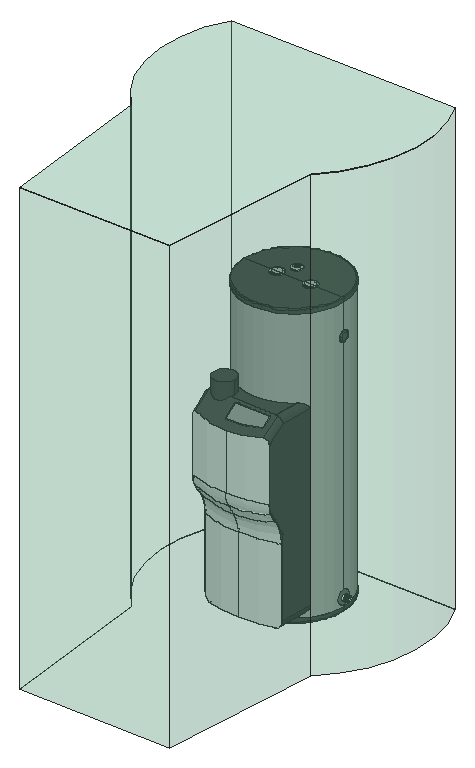
Revit family "Innovo BEFR_IR 24 245 BEFR NAT", category Mechanical Equipment, Revit 2015
Parameters (values of type "IR-24-245 BEFR NAT")
  largeur d'emballage = 786 mm  # constant formula
  l'Intervalle d'Entretien = "12 mois"  # constant formula
  Workspace Radius = Diameter + 170 mm  # 780 mm
  Workspace Height = Hauteur + 1000 mm  # 2745 mm
  Workspace Front Distance = 1000 mm
  Workspace [instance] = yes
  Valve Height 02 = if(and(Hauteur = 1745 mm, Diameter = 675 mm), 1518 mm, if(and(Hauteur = 1745 mm, Diameter = 610 mm), 1534 mm, if(Hauteur = 1545 mm, 1328 mm, 1070 mm)))  # 1534 mm
  Valve Height 01 = if(and(Diameter > 560 mm), 693 mm, 604 mm)  # 693 mm
  Valeur Maximale du Thermostat de Régulation = 85 °C  # constant formula
  Valeur Manimale du Thermostat de Régulation = 40 °C  # constant formula
  Valeur Défaut du Thermostat de Régulation = 65 °C  # constant formula
  URL = "www.aosmith.be"
  Type d'Installation = "B23/C13/C33/C43/C53/C63"  # constant formula
  Type d'emballage = "Carton et bois"  # constant formula
  Tension d'Alimentation (-15%, +10%) = 230 V  # constant formula
  Température Maximale des Fumées = 65 °C
  Temps de réchauffement à ΔT = 70°C = "38"
  Temps de réchauffement à ΔT = 55°C = "30"
  Temps de réchauffement à ΔT = 50°C = "27"
  Temps de réchauffement à ΔT = 44°C = "24"
  Temps de réchauffement à ΔT = 28°C = "16"
  Spécifications du Produit = ""
  Réglages du thermostat du chauffe-eau = 65 °C  # constant formula
  Réglage Standard Pour = "G31"
  Rendement Saisonnier (Hs) = [Rendement (Hs, acc. NEN-EN 89 - 1999)]  # 96
  Rendement (Hs, acc. NEN-EN 89 - 1999) = 96
  Rendement (Hi, acc. NEN-EN 89 - 1999) = 107
  Raccord Évacuation de la Condensation = 40 mm  # constant formula
  Raccord de la Soupape de Vidange = 1"
  Raccord de Sortie d'Eau Chaude = 1"
  Raccord de Gaz = 15"  # constant formula
  Raccord d'Alimentation en Eau Froide = 3/4"  # constant formula
  Raccord Robinet de Vidange = 3/4"  # constant formula
  Puissance Électrique Absorbée (sommet) = 105 W
  Puissance Électrique Absorbée (nominal) = 85 W
  Profondeur d'emballage = 946 mm  # constant formula
  Profondeur = 780 mm  # constant formula
  Profils de soutirage déclaré = "XXL"
  Production Nominale = "30400.0"
  Pression de Fonctionnement Maximale = 800000.0 Pa  # constant formula
  Pression Différentielle d'Ouverture de l'Interrupteur de Pression < = 210.0 Pa
  Pression Amont de Gaz = "3700 Pa"
  Precaustions during assembling, installation or maintenance = "voir Manuel d'installation, d'emploi er d'entretien"  # constant formula
  Poids à vide = 136 kg
  Poids de Transport = 153 kg
  Phase = 1
  Pertes en Veille - tous les jours (24h) = 0 W
  Pertes en Veille = 0 W
  Nombre de modèle du produit (EAN) = "8717449286323"
  Niveau du Son dB (A) = "<45"  # constant formula
  Niveau de puissance acoustique à l'intérieur = "58 dB"
  NOx-émissions mg/kWh = "37"
  NOx-émissions (ven air, 0% O2) ppm = "23"
  Modèdele = "IR-32-285"
  Model = "IR-32-285 FR LP"
  Marque commerciale = "A.O. Smith"  # constant formula
  Manufacturer = "A.O. Smith Water Products Company b.v."  # constant formula
  Largeur = Diameter  # 610 mm
  La commande intelligente = no
  L'efficacité énergétique pour le chauffage de l'eau (2) = "-"
  L'efficacité énergétique pour le chauffage de l'eau (1) = "90%"
  Hauteur du Raccordement au Gaz = 905 mm
  Hauteur de la Sortie d'eau Chaude = 1745 mm
  Hauteur de l'Alimentation en eau Froide = 170 mm
  Hauteur d'emballage = 1895 mm
  Hauteur Conduit d'Évacuation des Fumées = 1350 mm
  Hauteur Conduit d'Alimentation en Air = 1350 mm
  Hauteur = 1745 mm
  Guide de Produit = ""
  Garantie sur la Cuve = "36 mois"  # constant formula
  Garantie Pièces = "12 mois"  # constant formula
  Fréquence secteur = 50 Hz  # constant formula
  Forctionner qu'en heures creuses = no
  Fabricant No. = "E 7110"  # constant formula
  Epaisseur d'Isolation = 44 mm
  Débit de vidage à ΔT = 70°C après 90 min. = 770.0 L
  Débit de vidage à ΔT = 70°C après 60 min. = 580.0 L
  Débit de vidage à ΔT = 70°C après 30 min. = 390.0 L
  Débit de vidage à ΔT = 70°C après 120 min. = 960.0 L
  Débit de vidage à ΔT = 55°C après 90 min. = 1000.0 L
  Débit de vidage à ΔT = 55°C après 60 min. = 760.0 L
  Débit de vidage à ΔT = 55°C après 30 min. = 520.0 L
  Débit de vidage à ΔT = 55°C après 120 min. = 1300.0 L
  Débit de vidage à ΔT = 50°C après 90 min. = 1200.0 L
  Débit de vidage à ΔT = 50°C après 60 min. = 840.0 L
  Débit de vidage à ΔT = 50°C après 30 min. = 570.0 L
  Débit de vidage à ΔT = 50°C après 120 min. = 1400.0 L
  Débit de vidage à ΔT = 44°C après 90 min. = 1300.0 L
  Débit de vidage à ΔT = 44°C après 60 min. = 960.0 L
  Débit de vidage à ΔT = 44°C après 30 min. = 660.0 L
  Débit de vidage à ΔT = 44°C après 120 min. = 1600.0 L
  Débit de vidage à ΔT = 28°C après 90 min. = 2100.0 L
  Débit de vidage à ΔT = 28°C après 60 min. = 1600.0 L
  Débit de vidage à ΔT = 28°C après 30 min. = 1100.0 L
  Débit de vidage à ΔT = 28°C après 120 min. = 2500.0 L
  Débit de vidage en Continu à ΔT = 70°C = 380.0 L/s
  Débit de vidage en Continu à ΔT = 55°C = 490.0 L/s
  Débit de vidage en Continu à ΔT = 50°C = 540.0 L/s
  Débit de vidage en Continu à ΔT = 44°C = 610.0 L/s
  Débit de vidage en Continu à ΔT = 28°C = 960.0 L/s
  Diamètre Cheminée - Système Parallèle = "2x80"  # constant formula
  Diamètre Cheminée - Système Concentrique = "80/125 mm/mm"  # constant formula
  Diamètre Cheminée - Boiler = "80/125 mm/mm"  # constant formula
  Diameter = 610 mm
  Destination / Country = "Belgique"  # constant formula
  Description = "Préparateur ECS Solaire en Combinaison avec Réservoir de Stockage"  # constant formula
  D'autres profils de soutirage = "-"
  Created By = "http://www.cadcompany.nl/"
  Consommation de Gaz - Volume ltr/hr = "a/p"
  Consommation de Gaz - Masse kg/h = "2.3"
  Class d'efficacité énergétique (2) = "-"
  Class d'efficacité énergétique (1) = "A"  # constant formula
  Charge Nominale (Valeur Supérieure) = "31500.0"
  Charge Nominale (Valeur Inférieure) = "29000.0"
  Charge Maximale au Sol = 438 kg
  Catégorie de Gaz = "I3P"
  Capacité = 285.0 L
  CO2 Émissions (tol. +/- 1.0) vol% = "10.0"
  CE-PIN = "0063CQ3037"  # constant formula
  BIM Content Developer = "CAD & Company"  # constant formula
  Assembly Code = "D3010"
  Annual fuel consumption (2) = "-"
  Annual fuel consumption (1) = "21 GJ GCV"
  Annual electricity consumption (2) = "-"
  Annual electricity consumption (1) = "48 kWh"
  2ème Entretien (Entretien Général) = "12 mois après l'installation"  # constant formula
  1er Entretien (check-up) = "3 mois après l'installation"  # constant formula
Reference planes
  plane 1 "Center (Front/Back)": y = 0
  plane 2: z = 0
  plane 3 "Center (Left/Right)": x = 0
  plane 4 "Pipe": through (-383.901, 912.349, 194.799) normal (-0.0879, -0.0879, 0.9923)
  plane 5 "footing": y = 118.925
  plane 6 "footing front": y = -237.85
  plane 7: x = -305
  plane 8: x = 305
  plane 9: z = 1745
Forms (mm)
  Revolve 1, solid, material "RAL 9005", detail levels medium+fine
    sketch origin (0, -237.85, 0) x (-1, 0, 0) y (0, 0, 1)
      loop
        line (0, 28.9) -> (-15, 28.9) -> (-15, 26.4) -> (-8.671, 26.4) -> (-8.671, 18) -> (-5.686, 18) -> (-6.626, 17.06) -> (-6.626, 12.06) -> (-8.671, 12.06) -> (-8.671, 10) -> (-10.031, 10) -> (-23.271, 5.181)
        arc (-23.271, 5.181) -> (-23.763, 4.836) -> (-24.017, 4.293) r 1.159
        line (-24.017, 4.293) -> (-24.017, 1.03)
        arc (-24.017, 1.03) -> (-23.715, 0.302) -> (-22.986, 0) r 1.03
        line (-22.986, 0) -> (0, 0) -> (0, 28.9)
      axis (0, 28.9) -> (0, 0)
    angle from 0 to 360
  Revolve 2, solid, material "RAL 9005", detail levels medium+fine
    sketch origin (0, 118.925, 0) x (-1, 0, 0) y (0, 0, 1)
      loop
        line (-205.984, 28.9) -> (-220.984, 28.9) -> (-220.984, 26.4) -> (-214.655, 26.4) -> (-214.655, 18) -> (-211.67, 18) -> (-212.61, 17.06) -> (-212.61, 12.06) -> (-214.655, 12.06) -> (-214.655, 10) -> (-216.015, 10) -> (-229.256, 5.181)
        arc (-229.256, 5.181) -> (-229.747, 4.836) -> (-230.001, 4.293) r 1.159
        line (-230.001, 4.293) -> (-230.001, 1.03)
        arc (-230.001, 1.03) -> (-229.699, 0.302) -> (-228.971, 0) r 1.03
        line (-228.971, 0) -> (-205.984, 0) -> (-205.984, 28.9)
      axis (-205.984, 28.9) -> (-205.984, 0)
    angle from 0 to 360
  Revolve 3, solid, material "RAL 9005", detail levels medium+fine
    sketch origin (0, 118.925, 0) x (-1, 0, 0) y (0, 0, 1)
      loop
        line (204.016, 28.9) -> (189.016, 28.9) -> (189.016, 26.4) -> (195.345, 26.4) -> (195.345, 18) -> (198.33, 18) -> (197.39, 17.06) -> (197.39, 12.06) -> (195.345, 12.06) -> (195.345, 10) -> (193.985, 10) -> (180.744, 5.181)
        arc (180.744, 5.181) -> (180.253, 4.836) -> (179.999, 4.293) r 1.159
        line (179.999, 4.293) -> (179.999, 1.03)
        arc (179.999, 1.03) -> (180.301, 0.302) -> (181.029, 0) r 1.03
        line (181.029, 0) -> (204.016, 0) -> (204.016, 28.9)
      axis (204.016, 28.9) -> (204.016, 0)
    angle from 0 to 360
Lines and regions (mm)
  symbolic lines
    curve 1: line (0, 280.06, 0) -> (0, -280.06, 0)
    curve 2: line (-280.06, 0, 0) -> (280.06, 0, 0)
  symbolic lines, style "Workspace"
    curve 3: line (681.142, 380.06, 0) -> (-681.142, 380.06, 0)
    curve 4: arc (-681.142, 380.06, 0) -> (-777.325, -64.546, 0) -> (-609.127, -487.2, 0) r 780
    curve 5: line (-609.127, -487.2, 0) -> (-421.783, -1517.825, 0)
    curve 6: line (-421.783, -1517.825, 0) -> (424.03, -1517.825, 0)
    curve 7: line (424.03, -1517.825, 0) -> (611.027, -484.816, 0)
    curve 8: arc (611.027, -484.816, 0) -> (777.449, -63.027, 0) -> (681.142, 380.06, 0) r 780
Dimensions and locks
  plane 5 "footing" to plane 1 "Center (Front/Back)" = 118.925 mm
  plane 1 "Center (Front/Back)" to plane 6 "footing front" = 237.85 mm
  "Diameter": plane 7 to plane 8
  equal spacing: plane 7, plane 3 "Center (Left/Right)", plane 8
  "Hauteur": plane 9 to plane 2
  "Workspace Front Distance": curve 6 to nested 3
  "Workspace Radius": radius of curve 4
  "Workspace Radius": radius of curve 8
  aligned and locked: level to plane 2
  aligned and locked: nested 3 to Revolve 1 sketch curve
  aligned and locked: plane 3 "Center (Left/Right)" to Revolve 1 sketch curve
  aligned and locked: nested 3 to plane 1 "Center (Front/Back)"
  aligned and locked: plane 3 "Center (Left/Right)" to nested 3
  aligned and locked: nested 1 to plane 8
  aligned and locked: nested 5 to plane 8
  aligned and locked: nested 2 to plane 7
  aligned and locked: nested 4 to plane 7
  aligned and locked: nested 7 to plane 7
  aligned and locked: nested 8 to plane 3 "Center (Left/Right)"
  aligned and locked: plane 1 "Center (Front/Back)" to nested 8
  aligned and locked: nested 8 to nested 3
  aligned and locked: curve 3 to nested 8
Automatic sketch dimensions
  Revolve 1 sketch curve to level = 0 mm
  plane 3 "Center (Left/Right)" to Revolve 1 sketch curve = 5.686 mm
  Revolve 1 sketch curve to Revolve 1 sketch curve = 0.94 mm  (x2)
  Revolve 1 sketch curve to Revolve 1 sketch curve = 2.046 mm  (x2)
  Revolve 1 sketch curve to Revolve 1 sketch curve = 1.359 mm
  Revolve 1 sketch curve to Revolve 1 sketch curve = 6.329 mm
  level to Revolve 1 sketch curve = 4.091 mm
  Revolve 1 sketch curve to Revolve 1 sketch curve = 12.844 mm
  level to Revolve 1 sketch curve = 1.03 mm
  Revolve 1 sketch curve to Revolve 1 sketch curve = 0.111 mm
  level to Revolve 1 sketch curve = 5.181 mm
  Revolve 1 sketch curve to Revolve 1 sketch curve = 0.745 mm
  level to Revolve 1 sketch curve = 10 mm
  Revolve 1 sketch curve to Revolve 1 sketch curve = 2.06 mm
  Revolve 1 sketch curve to Revolve 1 sketch curve = 5 mm
  Revolve 1 sketch curve to Revolve 1 sketch curve = 8.4 mm
  Revolve 1 sketch curve to Revolve 1 sketch curve = 2.5 mm
  Revolve 1 sketch curve to level = 19.635 mm
  Revolve 1 sketch curve to Revolve 1 sketch curve = 46.465 mm
  Revolve 2 sketch curve to level = 0 mm
  level to Revolve 2 sketch curve = 1.03 mm
  Revolve 2 sketch curve to plane 8 = 74.999 mm
  level to Revolve 2 sketch curve = 5.181 mm
  Revolve 2 sketch curve to Revolve 2 sketch curve = 0.745 mm
  Revolve 2 sketch curve to Revolve 2 sketch curve = 0.397 mm
  Revolve 2 sketch curve to Revolve 2 sketch curve = 8.271 mm
  Revolve 2 sketch curve to Revolve 2 sketch curve = 13.241 mm
  Revolve 2 sketch curve to Revolve 2 sketch curve = 1.359 mm
  Revolve 2 sketch curve to Revolve 2 sketch curve = 6.329 mm
  Revolve 2 sketch curve to Revolve 2 sketch curve = 2.046 mm
  level to Revolve 2 sketch curve = 18 mm
  Revolve 2 sketch curve to Revolve 2 sketch curve = 0.94 mm  (x2)
  Revolve 2 sketch curve to Revolve 2 sketch curve = 8.671 mm
  Revolve 2 sketch curve to Revolve 2 sketch curve = 1.089 mm
  Revolve 2 sketch curve to Revolve 2 sketch curve = 8 mm
  Revolve 2 sketch curve to Revolve 2 sketch curve = 2.06 mm
  Revolve 2 sketch curve to Revolve 2 sketch curve = 8.4 mm
  Revolve 2 sketch curve to Revolve 2 sketch curve = 2.5 mm
  Revolve 2 sketch curve to Revolve 2 sketch curve = 0 mm
  Revolve 2 sketch curve to level = 19.635 mm
  Revolve 2 sketch curve to Revolve 2 sketch curve = 46.465 mm
  Revolve 3 sketch curve to level = 0 mm
  level to Revolve 3 sketch curve = 1.03 mm
  Revolve 3 sketch curve to plane 7 = 125.001 mm
  level to Revolve 3 sketch curve = 5.181 mm
  Revolve 3 sketch curve to Revolve 3 sketch curve = 0.745 mm
  Revolve 3 sketch curve to Revolve 3 sketch curve = 0.397 mm
  Revolve 3 sketch curve to Revolve 3 sketch curve = 8.271 mm
  Revolve 3 sketch curve to Revolve 3 sketch curve = 13.241 mm
  Revolve 3 sketch curve to Revolve 3 sketch curve = 1.359 mm
  Revolve 3 sketch curve to Revolve 3 sketch curve = 6.329 mm
  Revolve 3 sketch curve to Revolve 3 sketch curve = 2.046 mm
  level to Revolve 3 sketch curve = 18 mm
  Revolve 3 sketch curve to Revolve 3 sketch curve = 0.94 mm  (x2)
  Revolve 3 sketch curve to Revolve 3 sketch curve = 8.671 mm
  Revolve 3 sketch curve to Revolve 3 sketch curve = 1.089 mm
  Revolve 3 sketch curve to Revolve 3 sketch curve = 8 mm
  Revolve 3 sketch curve to Revolve 3 sketch curve = 2.06 mm
  Revolve 3 sketch curve to Revolve 3 sketch curve = 8.4 mm
  Revolve 3 sketch curve to Revolve 3 sketch curve = 2.5 mm
  Revolve 3 sketch curve to Revolve 3 sketch curve = 0 mm
  Revolve 3 sketch curve to level = 19.635 mm
  Revolve 3 sketch curve to Revolve 3 sketch curve = 46.465 mm
  curve 4 to curve 8 = 0 mm  (x2)
  plane 1 "Center (Front/Back)" to curve 2 = 0 mm
  curve 1 to plane 3 "Center (Left/Right)" = 0 mm
  plane 1 "Center (Front/Back)" to curve 4 = 0 mm
  curve 4 to plane 3 "Center (Left/Right)" = 0 mm
  curve 5 to plane 6 "footing front" = 249.35 mm
  plane 7 to curve 5 = 116.783 mm
  plane 8 to curve 7 = 119.03 mm
  curve 7 to plane 6 "footing front" = 246.966 mm
  curve 2 to plane 7 = 24.94 mm
  curve 2 to plane 8 = 24.94 mm
  curve 1 to plane 6 "footing front" = 42.21 mm
  plane 5 "footing" to curve 1 = 161.135 mm
Nested families
  nested 1: "Valve" at (305, -0.38, 1534) x (0, 1, 0) z (0, 0, 1), built-in parameter 1001364 <- "Valve Height 02", type "Valve"
  nested 2: "Drain Valve" at (-305, 0, 1534), built-in parameter 1001364 <- "Valve Height 02", type "Drain Valve"
  nested 3: "Housing Mother Housing S 57 (external)" at (0, -299.886, 0), type "Housing Mother_Housing S_57"
    with radius 305 mm, distance to boiler center 154 mm, diameter 610 mm
  nested 4: "Drain Valve" at (-305, 0, 177), type "Drain Valve"
  nested 5: "Drain Valve" at (305, 0, 107) x (-1, 0, 0) z (0, 0, 1), type "Drain Valve"
  nested 6: "Boiler" at (0, 0, 0), height <- "Hauteur", type "Boiler"
    with height 1745 mm, radius 305 mm, Diameter 610 mm
  nested 7: "Drain Valve" at (-305, 0, 693), built-in parameter 1001364 <- "Valve Height 01", type "Drain Valve"
  nested 8: "Innovo_workspace" at (0, 0, 0), Workspace <- "Workspace", Workspace Distance Front <- "Workspace Front Distance", Workspace Height <- "Workspace Height", Workspace Radius <- "Workspace Radius", type "Workspace"
    with Workspace Radius 780 mm, Workspace Height 2745 mm, Workspace Distance Front 1000 mm, Workspace yes, Center to Front 517.825 mm
Connectors
  piping at (339.826, 0, 107), diameter 19.05, driven by "Raccord Robinet de Vidange"
    settings: on nested 5, index 1, connector inside diameter 24", connector length 0 mm, flow factor 0, pipe flow 0.0 L/s, pressure drop 0.0 Pa, fitting loss kfactor 0, connector angle 0.00°, fixture units 0, engagement length 0 mm, angle of deflection 0.00°, flow configuration 0, flow direction 0, fitting loss method 0, system type 19, joint type 0, gender type 0, connector reference index -1, connector utility 0, adjustable connector no, is connector primary yes, connector description ""
  hvac at (-147.013, -346.326, 1310.674)
    settings: on nested 3, index 2, duct flow 0.0 L/s, flow factor 0, pres drop 0.0 Pa, loss coef 0, conn angle 0.00°, conn width 304.8 mm, conn height 304.8 mm, conn diameter 125 mm, duct sys type 4, conn prof type 0, flow config 0, flow direction 0, loss method 0, conn ref index -1, conn util no, is conn primary yes, conn desc ""
Definition of nested family "Valve"
  Parameters (values of type "Valve")
    Type Comments = "T&P valve (internal)"
    Manufacturer = "A.O. Smith"
  Reference planes
    plane 1 "Center (Front/Back)": y = 0
    plane 2: z = 0
    plane 3 "Center (Left/Right)": x = 0
  Forms (mm)
    Extrusion 1, solid, detail levels fine
      sketch origin (0, 0, 0) x (1, 0, 0) y (0, 0, 1)
        loop
          circle (0, 0) r 31.5
      from -2.271 to 1.4
    Sweep 2, solid, detail levels fine
      path origin (0, -1.4, 0) x (1, 0, 0) y (0, 0, 1)
        loop
          circle (0, 0) r 31.5
      profile origin (0, -1.4, 31.5) x (0, 0, -1) y (0, -1, 0)
        loop
          line (7.3, 0) -> (7.3, 3) -> (0, 0) -> (7.3, 0)
  Dimensions and locks
    aligned and locked: level to plane 2
Definition of nested family "Drain Valve"
  Reference planes
    plane 1 "Center (Front/Back)": y = 0
    plane 2: z = 0
    plane 3 "Center (Left/Right)": x = 0
  Forms (mm)
    Revolve 1, solid, detail levels medium+fine
      sketch origin (0, 0, 0) x (1, 0, 0) y (0, 0, 1)
        loop
          line (-33.442, 15.696) -> (-34.826, 14.329) -> (-34.93, 12.731) -> (-16.555, 12.731) -> (-16.555, 0) -> (15.787, 0) -> (15.787, 18.3) -> (-14.4, 18.3) -> (-17.148, 15.533) -> (-18.729, 16.697) -> (-20.091, 15.333) -> (-21.672, 16.496) -> (-23.034, 15.133) -> (-24.614, 16.296) -> (-25.976, 14.932) -> (-27.557, 16.096) -> (-28.919, 14.732) -> (-30.5, 15.896) -> (-31.862, 14.532) -> (-33.442, 15.696)
        axis (-34.93, 0) -> (15.787, 0)
      angle from 0 to 360
  Dimensions and locks
    aligned and locked: level to plane 2
  Nested families
    nested 1: "Rubber sealing" at (2.592, -0.155, 0) x (0.0023, -1, 0) z (0, 0, 1), type "Rubber sealing", detail levels fine
  Definition of nested family "Rubber sealing"
    Reference planes
      plane 1 "Center (Front/Back)": y = 0
      plane 2: z = 0
      plane 3 "Center (Left/Right)": x = 0
    Forms (mm)
      Extrusion 1, solid, detail levels fine
        sketch origin (141.861, 319.581, 0) x (1, 0, 0) y (0, 1, 0)
          loop
            line (-216.354, -311.898) -> (-216.354, -313.94)
            arc (-216.354, -313.94) -> (-141.602, -321.581) -> (-66.861, -313.835) r 366.966
            line (-66.861, -313.835) -> (-66.861, -311.791)
            arc (-66.861, -311.791) -> (-141.602, -319.581) -> (-216.354, -311.898) r 364.966
        from -80 to 80
      Extrusion 2, void
        sketch origin (141.861, 319.581, 0) x (1, 0, 0) y (0, 0, 1)
          loop
            circle (-141.861, 0) r 13
          loop
            circle (-141.861, 0) r 110
          loop
            circle (-141.861, 0) r 40
        from 311.563 to 332.684
      Extrusion 3, void
        sketch origin (141.861, 319.581, 0) x (1, 0, 0) y (0, 0, 1)
          loop
            circle (-141.861, 0) r 18.25
        from 315.524 to 326.084
    Cuts and joins
      Extrusion 2, Extrusion 3 cuts Extrusion 1
    Dimensions and locks
      aligned and locked: level to plane 2
Definition of nested family "Housing Mother Housing S 57 (external)"
  Parameters (values of type "Housing Mother_Housing S_57")
    radius [instance] = 280 mm
    distance to boiler center = if(diameter = 675 mm, 189 mm, if(diameter = 610 mm, 154 mm, 129 mm))  # 129 mm
    diameter = 560 mm
  Reference planes
    plane 1 "Center (Front/Back)": y = 0
    plane 2: z = 0
    plane 3 "Center (Left/Right)": x = 0
    plane 4 "left": through (-245.286, 145.886, 1200) normal (0.9994, 0.0349, 0)
    plane 5: y = -217.939
    plane 6: y = 145.886
    plane 7: z = 1232.6
    plane 8: z = 65.89
    plane 9 "right": through (245.286, 145.886, 1200) normal (0.9994, -0.0349, 0)
    plane 10 "display": through (0, -90.37, 1221.196) normal (0, -0.5736, 0.8192)
    plane 11 "Potentiostat": z = 867.899
    plane 12 "boiler center": y = 274.886
    plane 13: x = -280
    plane 14: x = 280
  Forms (mm)
    Extrusion 1, solid
      sketch origin (0, 0, 0) x (1, 0, 0) y (0, 1, 0)
        loop
          line (-245.286, 145.886) -> (-232.581, -217.939) -> (232.581, -217.939) -> (245.286, 145.886)
          arc (245.286, 145.886) -> (0, 0.923) -> (-245.286, 145.886) r 280
      from 0 to 1232.6
    Sweep 2, void
      path origin (0, 0, 0) x (0, 1, 0) y (0, 0, 1)
        loop
          line (-217.939, 1232.6) -> (-217.939, 795.555)
          arc (-217.939, 795.555) -> (-212.387, 754.285) -> (-197.694, 715.322) r 183.924
          arc (-197.694, 715.322) -> (-179.915, 684.628) -> (-159.106, 655.901) r 348.284
          arc (-159.106, 655.901) -> (-131.411, 600.328) -> (-121.88, 538.973) r 202.254
          line (-121.88, 538.973) -> (-121.88, 61.106)
      profile origin (0, -217.939, 1014.077) x (1, 0, 0) y (0, 1, 0)
        loop
          arc (0, 0) -> (-117.533, 9.941) -> (-231.728, 39.475) r 699.984
          arc (-231.728, 39.475) -> (-233.391, 40.705) -> (-234.07, 42.659) r 3.505
          line (-234.07, 42.659) -> (-254.062, 42.659) -> (-254.062, -142.593) -> (254.07, -142.593) -> (254.07, 42.659) -> (234.07, 42.659)
          arc (234.07, 42.659) -> (233.391, 40.705) -> (231.728, 39.475) r 3.505
          arc (231.728, 39.475) -> (117.533, 9.941) -> (0, 0) r 699.984
    Extrusion 3, void
      sketch origin (0, 0, 0) x (0, 1, 0) y (0, 0, 1)
        loop
          arc (102.864, 70.869) -> (99.804, 70.709) -> (96.874, 69.813) r 12.57
          arc (96.874, 69.813) -> (87.878, 66.533) -> (78.516, 64.529) r 69.114
          arc (78.516, 64.529) -> (76.41, 64.284) -> (74.294, 64.148) r 41.206
          arc (74.294, 64.148) -> (65.203, 64.335) -> (56.122, 64.782) r 318.661
          arc (56.122, 64.782) -> (30.585, 66.179) -> (5.028, 67.128) r 1456.581
          line (5.028, 67.128) -> (-84.534, 73.135)
          arc (-84.534, 73.135) -> (-86.363, 73.808) -> (-87.536, 75.365) r 3.455
          line (-87.536, 75.365) -> (-264.473, 75.365) -> (-264.473, 0) -> (160.886, 0) -> (160.886, 103.945) -> (145.886, 103.945)
          arc (145.886, 103.945) -> (145.104, 97.827) -> (142.923, 92.059) r 26.364
          arc (142.923, 92.059) -> (141.067, 88.936) -> (138.867, 86.045) r 31.715
          arc (138.867, 86.045) -> (135.576, 82.49) -> (132.021, 79.2) r 62.615
          arc (132.021, 79.2) -> (125.841, 74.697) -> (119.091, 71.103) r 54.444
          arc (119.091, 71.103) -> (116.371, 70.272) -> (113.531, 70.123) r 11.669
          line (113.531, 70.123) -> (102.864, 70.869)
      from -254.062 to 254.07
    Sweep 4, void
      path origin (0, 0, 0) x (1, 0, 0) y (0, 1, 0)
        loop
          line (-245.286, 145.886) -> (-232.581, -217.939)
      profile origin (-238.933, -36.027, 0) x (0.999391, 0.034899, 0) y (0, 0, 1)
        loop
          line (-4.454, 0) -> (47.084, 0) -> (47.084, 73.431)
          arc (47.084, 73.431) -> (14.222, 85.134) -> (0.255, 117.1) r 43.922
          line (0.255, 117.1) -> (-4.454, 117.1) -> (-4.454, 0)
    Sweep 5, void
      path origin (0, 0, 0) x (-1, 0, 0) y (0, 1, 0)
        loop
          line (-245.286, 145.886) -> (-232.581, -217.939)
      profile origin (238.933, -36.027, 0) x (0.999391, -0.034899, 0) y (0, 0, 1)
        loop
          line (4.454, 0) -> (4.454, 117.1) -> (-0.255, 117.1)
          arc (-0.255, 117.1) -> (-14.222, 85.134) -> (-47.084, 73.431) r 43.922
          line (-47.084, 73.431) -> (-47.084, 0) -> (4.454, 0)
    Sweep 6, void
      path origin (-239.899, -8.377, 0) x (-0.034899, 0.999391, 0) y (0, 0, 1)
        loop
          line (-209.69, 1141.272) -> (-79.18, 1232.6) -> (154.358, 1232.6)
      profile origin (-241.211, 29.188, 1232.6) x (0, 0, 1) y (0.999391, 0.034899, 0)
        loop
          line (-45, -30) -> (75, -30) -> (75, 0) -> (75, 55) -> (2.799, 55) -> (-1.253, 35.128)
          arc (-1.253, 35.128) -> (-16.771, 9.564) -> (-45, -0.308) r 44.287
          line (-45, -0.308) -> (-45, -30)
    Sweep 7, void
      path origin (239.899, -8.377, 0) x (0.034899, 0.999391, 0) y (0, 0, 1)
        loop
          line (-209.69, 1141.272) -> (-79.18, 1232.6) -> (154.358, 1232.6)
      profile origin (241.211, 29.188, 1232.6) x (0, 0, -1) y (-0.999391, 0.034899, 0)
        loop
          line (-75, -25) -> (45, -25) -> (45, -0.308)
          arc (45, -0.308) -> (16.771, 9.564) -> (1.253, 35.128) r 44.287
          line (1.253, 35.128) -> (-2.799, 55) -> (-75, 55) -> (-75, -25)
    Extrusion 8, void
      sketch origin (0, 0, 0) x (0, 1, 0) y (0, 0, 1)
        loop
          line (-270, 1336.099) -> (-270, 1099.081) -> (68.497, 1336.099) -> (-270, 1336.099)
      from -425.038 to 444.42
    Extrusion 9, solid, detail levels medium+fine
      sketch origin (0, 0, 0) x (1, 0, 0) y (0, 1, 0)
        loop
          circle (-147.013, -46.44) r 65
      from 1163.174 to 1310.674
    Extrusion 10, void
      sketch origin (0, -603.506, 861.895) x (0, 0.819152, 0.573576) y (-1, 0, 0)
        loop
          arc (618.322, -173) -> (623.272, -170.95) -> (625.322, -166) r 7
          line (625.322, -166) -> (625.322, 35)
          arc (625.322, 35) -> (623.272, 39.95) -> (618.322, 42) r 7
          line (618.322, 42) -> (535.473, 42)
          arc (535.473, 42) -> (530.688, 40.11) -> (528.488, 35.46) r 7
          arc (528.488, 35.46) -> (531.569, -67.592) -> (554.18, -168.18) r 540
          arc (554.18, -168.18) -> (556.724, -171.668) -> (560.831, -173) r 7
          line (560.831, -173) -> (618.322, -173)
      from 0 to 137.286
    Sweep 11, solid, detail levels fine
      path origin (0, 0, 867.899) x (-1, 0, 0) y (0, -1, 0)
        loop
          line (309.749, -35.617) -> (204.371, -35.617)
          arc (204.371, -35.617) -> (196.509, -34.687) -> (189.082, -31.947) r 33.677
          line (189.082, -31.947) -> (-9.574, 69.274)
      profile origin (-257.06, 35.617, 867.899) x (0, 1, 0) y (0, 0, 1)
        loop
          circle (0, 0) r 7.316
        loop
          circle (0, 0) r 6.465
    Revolve 12, void
      sketch origin (0, 274.886, 0) x (-1, 0, 0) y (0, 0, 1)
        loop
          line (280, 1243.838) -> (0, 1243.838) -> (0, 54.9) -> (280, 54.9) -> (280, 1243.838)
        axis (0, 1243.838) -> (0, 54.9)
      angle from 0 to 360
  Cuts and joins
    Sweep 2, Extrusion 3, Sweep 4, Sweep 5, Sweep 6, Sweep 7, Extrusion 8, Extrusion 10, Revolve 12 cuts Extrusion 1
  Dimensions and locks
    plane 8 to plane 2 = 65.89 mm
    plane 7 to plane 8 = 1166.71 mm
    "distance to boiler center": plane 12 "boiler center" to plane 6
    "diameter": plane 14 to plane 13
    equal spacing: plane 14, plane 3 "Center (Left/Right)", plane 13
    "radius": plane 3 "Center (Left/Right)" to plane 13
    aligned and locked: level to plane 2
    aligned and locked: Extrusion 1 to plane 7
    aligned and locked: Extrusion 1 sketch curve to plane 5
    aligned and locked: Sweep 2 to Extrusion 3
    aligned and locked: Extrusion 3 to Sweep 2  (x2)
    aligned and locked: plane 7 to Sweep 2 sketch curve
    aligned and locked: plane 3 "Center (Left/Right)" to Revolve 12 sketch curve
    aligned and locked: Revolve 12 sketch curve to plane 3 "Center (Left/Right)"
    aligned and locked: plane 13 to Revolve 12 sketch curve
  Automatic sketch dimensions
    Extrusion 1 sketch curve to plane 4 "left" = 0 mm  (x2)
    Extrusion 1 sketch curve to plane 6 = 0 mm  (x2)
    Extrusion 1 sketch curve to plane 3 "Center (Left/Right)" = 0 mm
    Extrusion 1 sketch curve to plane 9 "right" = 0 mm
    plane 6 to Extrusion 1 sketch curve = 135.037 mm
    Sweep 2 sketch curve to plane 5 = 0 mm
    plane 5 to Sweep 2 sketch curve = 106.195 mm
    Sweep 2 sketch curve to plane 5 = 96.059 mm
    plane 1 "Center (Front/Back)" to Sweep 2 sketch curve = 34.053 mm
    plane 11 "Potentiostat" to Sweep 2 sketch curve = 6.417 mm
    Sweep 2 sketch curve to plane 6 = 33.705 mm
    Sweep 2 sketch curve to plane 11 "Potentiostat" = 68.615 mm
    Sweep 2 sketch curve to plane 11 "Potentiostat" = 72.345 mm
    Sweep 2 sketch curve to Sweep 2 sketch curve = 176.349 mm
    Sweep 2 sketch curve to Sweep 2 sketch curve = 0 mm  (x2)
    plane 8 to Sweep 2 sketch curve = 4.784 mm
    Extrusion 3 sketch curve to level = 0 mm
    Extrusion 3 sketch curve to plane 6 = 0 mm
    Extrusion 3 sketch curve to plane 6 = 26.363 mm
    Extrusion 3 sketch curve to Extrusion 3 sketch curve = 4.75 mm
    Extrusion 3 sketch curve to Extrusion 3 sketch curve = 5.179 mm
    Extrusion 3 sketch curve to plane 8 = 4.232 mm
    Extrusion 3 sketch curve to Extrusion 3 sketch curve = 0.814 mm
    Extrusion 3 sketch curve to plane 8 = 4.978 mm
    Extrusion 3 sketch curve to Extrusion 3 sketch curve = 10.667 mm
    Extrusion 3 sketch curve to Extrusion 3 sketch curve = 0.877 mm
    Extrusion 3 sketch curve to Extrusion 3 sketch curve = 17.827 mm
    Extrusion 3 sketch curve to Extrusion 3 sketch curve = 5.646 mm
    Extrusion 3 sketch curve to plane 6 = 69.562 mm
    Extrusion 3 sketch curve to Extrusion 3 sketch curve = 18.6 mm
    Extrusion 3 sketch curve to Extrusion 3 sketch curve = 22.538 mm
    Extrusion 3 sketch curve to plane 8 = 1.238 mm
    Extrusion 3 sketch curve to plane 1 "Center (Front/Back)" = 5.028 mm
    plane 1 "Center (Front/Back)" to Extrusion 3 sketch curve = 36.224 mm
    Extrusion 3 sketch curve to plane 8 = 10.692 mm
    plane 1 "Center (Front/Back)" to Extrusion 3 sketch curve = 84.302 mm
    Extrusion 3 sketch curve to plane 8 = 7.244 mm
    Extrusion 3 sketch curve to Extrusion 3 sketch curve = 0.231 mm
    Extrusion 3 sketch curve to Extrusion 3 sketch curve = 3.234 mm
    plane 5 to Extrusion 3 sketch curve = 46.534 mm
    plane 6 to Extrusion 3 sketch curve = 15 mm
    Extrusion 3 sketch curve to level = 1388.869 mm
    plane 8 to Extrusion 3 sketch curve = 7.561 mm
    Extrusion 3 sketch curve to Extrusion 3 sketch curve = 11.64 mm
    Extrusion 3 sketch curve to plane 8 = 38.054 mm
    Extrusion 3 sketch curve to Extrusion 3 sketch curve = 22.442 mm
    Extrusion 3 sketch curve to plane 8 = 39.432 mm
    Extrusion 3 sketch curve to Extrusion 3 sketch curve = 2.466 mm
    Extrusion 3 sketch curve to Extrusion 3 sketch curve = 14.17 mm
    Extrusion 3 sketch curve to Extrusion 3 sketch curve = 5.925 mm
    Extrusion 3 sketch curve to Extrusion 3 sketch curve = 6.186 mm
    Extrusion 3 sketch curve to Extrusion 3 sketch curve = 249.85 mm
    Extrusion 3 sketch curve to Extrusion 3 sketch curve = 0 mm  (x4)
    Extrusion 3 sketch curve to Extrusion 3 sketch curve = 6.845 mm
    plane 8 to Extrusion 3 sketch curve = 1.743 mm
    Sweep 4 sketch curve to plane 4 "left" = 0 mm  (x2)
    Sweep 4 sketch curve to plane 6 = 0 mm
    plane 5 to Sweep 4 sketch curve = 0 mm
    Sweep 4 sketch curve to level = 0 mm
    profile plane to Sweep 4 sketch curve = 4.454 mm
    Sweep 4 sketch curve to profile plane = 0.255 mm
    Sweep 4 sketch curve to Sweep 4 sketch curve = 43.922 mm
    Sweep 4 sketch curve to profile plane = 47.084 mm
    level to Sweep 4 sketch curve = 73.431 mm
    Sweep 4 sketch curve to Sweep 4 sketch curve = 43.669 mm
    Sweep 5 sketch curve to plane 6 = 0 mm
    Sweep 5 sketch curve to plane 9 "right" = 0 mm  (x2)
    plane 5 to Sweep 5 sketch curve = 0 mm
    Sweep 5 sketch curve to level = 0 mm
    profile plane to Sweep 5 sketch curve = 47.084 mm
    Sweep 5 sketch curve to Sweep 5 sketch curve = 2.907 mm
    profile plane to Sweep 5 sketch curve = 0.255 mm
    Sweep 5 sketch curve to profile plane = 4.454 mm
    level to Sweep 5 sketch curve = 73.431 mm
    Sweep 5 sketch curve to Sweep 5 sketch curve = 43.669 mm
    Sweep 6 sketch curve to plane 7 = 0 mm
    plane 7 to Sweep 6 sketch curve = 91.328 mm
    Sweep 6 sketch curve to Sweep 6 sketch curve = 130.509 mm
    Sweep 6 sketch curve to Sweep 6 sketch curve = 233.538 mm
    Sweep 6 sketch curve to plane 4 "left" = 0 mm
    profile plane to Sweep 6 sketch curve = 45 mm
    Sweep 6 sketch curve to Sweep 6 sketch curve = 0.354 mm
    profile plane to Sweep 6 sketch curve = 1.253 mm
    Sweep 6 sketch curve to profile plane = 2.799 mm
    Sweep 6 sketch curve to Sweep 6 sketch curve = 72.201 mm
    Sweep 6 sketch curve to plane 4 "left" = 0.308 mm
    Sweep 6 sketch curve to Sweep 6 sketch curve = 29.692 mm
    plane 4 "left" to Sweep 6 sketch curve = 35.128 mm
    plane 4 "left" to Sweep 6 sketch curve = 55 mm
    Sweep 7 sketch curve to plane 7 = 0 mm
    Sweep 7 sketch curve to plane 7 = 91.328 mm
    Sweep 7 sketch curve to Sweep 7 sketch curve = 130.509 mm
    Sweep 7 sketch curve to Sweep 7 sketch curve = 233.538 mm
    Sweep 7 sketch curve to plane 9 "right" = 25 mm
    profile plane to Sweep 7 sketch curve = 75 mm
    profile plane to Sweep 7 sketch curve = 2.799 mm
    Sweep 7 sketch curve to profile plane = 1.253 mm
    Sweep 7 sketch curve to Sweep 7 sketch curve = 43.393 mm
    Sweep 7 sketch curve to profile plane = 45 mm
    Sweep 7 sketch curve to plane 9 "right" = 0.308 mm
    plane 9 "right" to Sweep 7 sketch curve = 35.128 mm
    Sweep 7 sketch curve to Sweep 7 sketch curve = 19.872 mm
    plane 5 to Extrusion 8 sketch curve = 52.061 mm
    Extrusion 8 sketch curve to plane 1 "Center (Front/Back)" = 68.497 mm
    plane 7 to Extrusion 8 sketch curve = 133.519 mm
    Extrusion 8 sketch curve to plane 7 = 103.499 mm
    plane 1 "Center (Front/Back)" to Extrusion 9 sketch curve = 46.44 mm
    Extrusion 9 sketch curve to plane 3 "Center (Left/Right)" = 147.013 mm
    Extrusion 10 sketch curve to plane 3 "Center (Left/Right)" = 0 mm
    Extrusion 10 sketch curve to plane 3 "Center (Left/Right)" = 35 mm
    Extrusion 10 sketch curve to Extrusion 10 sketch curve = 25.359 mm
    Extrusion 10 sketch curve to Extrusion 10 sketch curve = 57.491 mm
    Extrusion 10 sketch curve to plane 3 "Center (Left/Right)" = 42 mm
    Extrusion 10 sketch curve to Extrusion 10 sketch curve = 82.85 mm
    Extrusion 10 sketch curve to Extrusion 10 sketch curve = 7 mm
    Extrusion 10 sketch curve to Extrusion 10 sketch curve = 442 mm
    plane 3 "Center (Left/Right)" to Extrusion 10 sketch curve = 166 mm
    Extrusion 10 sketch curve to Extrusion 10 sketch curve = 0 mm  (x2)
    Sweep 11 sketch curve to plane 1 "Center (Front/Back)" = 31.947 mm
    Sweep 11 sketch curve to plane 3 "Center (Left/Right)" = 189.082 mm
    Sweep 11 sketch curve to plane 1 "Center (Front/Back)" = 1.94 mm
    Sweep 11 sketch curve to Sweep 11 sketch curve = 15.289 mm
    plane 3 "Center (Left/Right)" to Sweep 11 sketch curve = 9.574 mm
    Sweep 11 sketch curve to Sweep 11 sketch curve = 105.378 mm
    plane 1 "Center (Front/Back)" to Sweep 11 sketch curve = 69.274 mm
    Sweep 11 sketch curve to Sweep 11 sketch curve = 0 mm  (x2)
    Sweep 11 sketch curve to plane 11 "Potentiostat" = 0 mm
    Sweep 11 sketch curve to profile plane = 0 mm
    plane 8 to Revolve 12 sketch curve = 10.99 mm
    Revolve 12 sketch curve to plane 7 = 11.238 mm
    Revolve 12 sketch curve to level = 366.045 mm
    Revolve 12 sketch curve to Revolve 12 sketch curve = 971.917 mm
    Sweep 2 sketch curve to plane 3 "Center (Left/Right)" = 0 mm
    profile plane to Sweep 2 sketch curve = 0 mm
    Sweep 2 sketch curve to plane 3 "Center (Left/Right)" = 0.016 mm
    Sweep 2 sketch curve to profile plane = 42.782 mm  (x2)
    Sweep 2 sketch curve to plane 3 "Center (Left/Right)" = 230.568 mm
    plane 3 "Center (Left/Right)" to Sweep 2 sketch curve = 0.016 mm
    plane 3 "Center (Left/Right)" to Sweep 2 sketch curve = 230.568 mm
    Sweep 2 sketch curve to Sweep 2 sketch curve = 3.502 mm  (x2)
    Sweep 2 sketch curve to Sweep 2 sketch curve = 20 mm
    profile plane to Sweep 2 sketch curve = 142.593 mm
    Sweep 2 sketch curve to Sweep 2 sketch curve = 0.122 mm  (x2)
    Sweep 2 sketch curve to Sweep 2 sketch curve = 657.203 mm
    Sweep 2 sketch curve to Sweep 2 sketch curve = 19.991 mm
    radius of Extrusion 9 sketch curve = 65 mm
    radius of Sweep 11 sketch curve = 7.316 mm
    radius of Sweep 11 sketch curve = 6.465 mm
  Nested families
    nested 1: "display" at (65.5, -130.939, 1192.79) x (-1, 0, 0) z (0, -0.5736, 0.8192), type "display"
  Definition of nested family "display"
    Parameters (values of type "display")
      Default Elevation = 1219.2 mm
    Reference planes
      plane 1 "Center (Front/Back)": y = 0
      plane 2: z = 0
      plane 3 "Center (Left/Right)": x = 0
    Forms (mm)
      Extrusion 1, solid, detail levels medium+fine
        sketch origin (-16.958, 11.842, -343.878) x (1, 0, 0) y (0, 0, -1)
          loop
            line (-233.523, -343.878) -> (-233.523, -346.592) -> (332.686, -346.592) -> (332.686, -343.878) -> (-233.523, -343.878)
        from -228.7 to 150.822
      Extrusion 2, void
        sketch origin (-16.958, 6.842, -343.878) x (1, 0, 0) y (0, 1, 0)
          loop
            line (-233.523, 155.822) -> (-233.523, -223.7) -> (332.686, -223.7) -> (332.686, 155.822) -> (-233.523, 155.822)
          loop
            arc (-90.542, -48.267) -> (-88.492, -53.216) -> (-83.542, -55.267) r 7
            line (-83.542, -55.267) -> (117.458, -55.267)
            arc (117.458, -55.267) -> (122.408, -53.216) -> (124.458, -48.267) r 7
            line (124.458, -48.267) -> (124.458, 34.583)
            arc (124.458, 34.583) -> (122.568, 39.368) -> (117.918, 41.568) r 7
            arc (117.918, 41.568) -> (14.866, 38.487) -> (-85.722, 15.876) r 540
            arc (-85.722, 15.876) -> (-89.21, 13.332) -> (-90.542, 9.224) r 7
            line (-90.542, 9.224) -> (-90.542, -48.267)
        from 328.878 to 363.083
    Cuts and joins
      Extrusion 2 cuts Extrusion 1
    Dimensions and locks
      aligned and locked: level to plane 2
Definition of nested family "Boiler"
  Parameters (values of type "Boiler")
    radius [instance] = 280 mm
    height [instance] = 1270 mm
    Diameter = 560 mm
  Reference planes
    plane 1 "Center (Front/Back)": y = 0
    plane 2: z = 0
    plane 3 "Center (Left/Right)": x = 0
    plane 4: z = 1243.838
    plane 5: z = 1270
    plane 6 "bottom": z = 28.9
    plane 7: z = 54.9
    plane 8 "top controle": y = 88
    plane 9: x = -280
    plane 10: x = 280
  Forms (mm)
    Revolve 1, solid
      sketch origin (0, 0, 0) x (1, 0, 0) y (0, 0, 1)
        loop
          line (0, 54.9) -> (-280, 54.9) -> (-280, 32.9)
          arc (-280, 32.9) -> (-278.828, 30.072) -> (-276, 28.9) r 4
          line (-276, 28.9) -> (0, 28.9) -> (0, 54.9)
        axis (0, 28.9) -> (0, 54.9)
      angle from 0 to 360
    Revolve 2, solid
      sketch origin (1.311, 0, 0) x (1, 0, 0) y (0, 0, 1)
        loop
          line (-278.86, 1243.838) -> (-278.86, 54.9) -> (-1.311, 54.9) -> (-1.311, 1243.838) -> (-278.86, 1243.838)
        axis (-1.311, 1243.838) -> (-1.311, 54.9)
      angle from 0 to 360
    Revolve 3, solid
      sketch origin (-9.205, 0, 377.212) x (-1, 0, 0) y (0, 0, 1)
        loop
          line (-148.904, 892.788) -> (-110.805, 892.788) -> (-110.805, 895.963) -> (-141.883, 895.963) -> (-148.904, 893.62) -> (-148.904, 892.788)
        axis (-110.805, 892.788) -> (-110.805, 895.963)
      angle from 0 to 360
    Revolve 4, solid
      sketch origin (0, 0, 718.065) x (1, 0, 0) y (0, 0, -1)
        loop
          line (0, -525.773) -> (-280, -525.773) -> (-280, -547.935)
          arc (-280, -547.935) -> (-278.828, -550.763) -> (-276, -551.935) r 4
          line (-276, -551.935) -> (0, -551.935) -> (0, -525.773)
        axis (0, -551.935) -> (0, -525.773)
      angle from 0 to 360
    Revolve 5, solid
      sketch origin (0, 88, 0) x (1, 0, 0) y (0, 0, 1)
        loop
          line (-19.051, 1270) -> (-19.051, 1271.074) -> (-32.63, 1275.604) -> (-32.63, 1271.117) -> (-37.266, 1271.117) -> (-38.383, 1270) -> (-19.051, 1270)
        axis (-50.8, 1270) -> (-50.8, 1275.604)
      angle from 0 to 360
    Revolve 6, solid
      sketch origin (-217.12, 0, 372.245) x (-1, 0, 0) y (0, 0, 1)
        loop
          line (-153.622, 897.755) -> (-115.52, 897.755) -> (-115.52, 900.93) -> (-146.626, 900.93) -> (-153.622, 898.596) -> (-153.622, 897.755)
        axis (-115.52, 897.755) -> (-115.52, 900.93)
      angle from 0 to 360
  Dimensions and locks
    "height": plane 5 to plane 2
    plane 6 "bottom" to plane 2 = 28.9 mm
    locked: plane 5 to plane 4 at 26.162
    locked: plane 1 "Center (Front/Back)" to plane 8 "top controle" at 88
    "Diameter": plane 10 to plane 9
    equal spacing: plane 10, plane 3 "Center (Left/Right)", plane 9
    "radius": plane 3 "Center (Left/Right)" to plane 9
    locked: plane 9 to Revolve 2 sketch curve at 2.452
    aligned and locked: level to plane 2
    aligned and locked: Revolve 2 sketch curve to plane 7
    aligned and locked: Revolve 2 sketch curve to plane 4
    aligned and locked: Revolve 1 sketch curve to plane 7
    aligned and locked: plane 6 "bottom" to Revolve 1 sketch curve
    aligned and locked: Revolve 4 sketch curve to plane 3 "Center (Left/Right)"
    aligned and locked: plane 5 to Revolve 4 sketch curve
    aligned and locked: Revolve 4 sketch curve to plane 4
    aligned and locked: plane 9 to Revolve 4 sketch curve
    aligned and locked: Revolve 1 sketch curve to plane 9
    aligned and locked: Revolve 2 sketch curve to plane 3 "Center (Left/Right)"
    aligned and locked: plane 3 "Center (Left/Right)" to Revolve 2 sketch curve
  Automatic sketch dimensions
    Revolve 1 sketch curve to plane 3 "Center (Left/Right)" = 0 mm  (x2)
    Revolve 1 sketch curve to Revolve 1 sketch curve = 4 mm
    Revolve 1 sketch curve to level = 40 mm
    Revolve 1 sketch curve to Revolve 1 sketch curve = 305.1 mm
    Revolve 2 sketch curve to level = 366.045 mm
    Revolve 2 sketch curve to plane 5 = 945.755 mm
    Revolve 3 sketch curve to plane 5 = 0 mm
    Revolve 3 sketch curve to plane 3 "Center (Left/Right)" = 139.699 mm
    plane 5 to Revolve 3 sketch curve = 3.175 mm
    Revolve 3 sketch curve to Revolve 3 sketch curve = 7.022 mm
    Revolve 3 sketch curve to Revolve 3 sketch curve = 31.078 mm
    Revolve 3 sketch curve to Revolve 3 sketch curve = 0.832 mm
    Revolve 3 sketch curve to Revolve 3 sketch curve = 0 mm
    Revolve 3 sketch curve to Revolve 3 sketch curve = 2.338 mm
    Revolve 3 sketch curve to Revolve 3 sketch curve = 4.487 mm
    Revolve 4 sketch curve to plane 3 "Center (Left/Right)" = 0 mm
    Revolve 4 sketch curve to Revolve 4 sketch curve = 4 mm
    Revolve 4 sketch curve to Revolve 4 sketch curve = 68.738 mm
    Revolve 4 sketch curve to Revolve 4 sketch curve = 305.1 mm
    Revolve 6 sketch curve to plane 5 = 0 mm
    plane 3 "Center (Left/Right)" to Revolve 6 sketch curve = 63.497 mm
    plane 5 to Revolve 6 sketch curve = 3.175 mm
    Revolve 6 sketch curve to Revolve 6 sketch curve = 6.997 mm
    Revolve 6 sketch curve to Revolve 6 sketch curve = 31.106 mm
    Revolve 6 sketch curve to Revolve 6 sketch curve = 0.84 mm
    Revolve 6 sketch curve to Revolve 6 sketch curve = 0 mm
    Revolve 6 sketch curve to Revolve 6 sketch curve = 7.216 mm
    Revolve 6 sketch curve to Revolve 6 sketch curve = 0.391 mm
    Revolve 5 sketch curve to Revolve 5 sketch curve = 13.578 mm
    Revolve 5 sketch curve to Revolve 5 sketch curve = 1.074 mm
    Revolve 5 sketch curve to Revolve 5 sketch curve = 12.417 mm
    Revolve 5 sketch curve to Revolve 5 sketch curve = 5.753 mm
    Revolve 5 sketch curve to plane 5 = 1.117 mm
    Revolve 5 sketch curve to Revolve 5 sketch curve = 1.117 mm
    plane 5 to Revolve 5 sketch curve = 4.396 mm
    Revolve 5 sketch curve to plane 5 = 0 mm
    Revolve 5 sketch curve to Revolve 5 sketch curve = 4.487 mm
    Revolve 5 sketch curve to plane 3 "Center (Left/Right)" = 38.383 mm
    Revolve 5 sketch curve to plane 5 = 5.604 mm
Definition of nested family "Innovo_workspace"
  Parameters (values of type "Workspace")
    Workspace Radius [instance] = 730 mm
    Workspace Height [instance] = 2270 mm
    Workspace Distance Front [instance] = 1000 mm
    Workspace [instance] = yes
    URL = "www.aosmith.nl"
    Model = ""
    Manufacturer = "A.O. Smith Water Products Company b.v."  # constant formula
    Description = ""
    Created By = ""
    Center to Front [instance] = 492.825 mm
    BIM Content Developer = "CAD & Company"  # constant formula
    Assembly Code = ""
  Reference planes
    plane 1 "Center (Front/Back)": y = 0
    plane 2: z = 0
    plane 3 "Center (Left/Right)": x = 0
    plane 4 "Pipe": through (-383.901, 912.349, 194.799) normal (-0.0879, -0.0879, 0.9923)
    plane 5 "front": y = -492.825
  Forms (mm)
    Extrusion 1, solid, visible <- "Workspace"
      sketch origin (0, 0, 0) x (1, 0, 0) y (0, 1, 0)
        loop
          line (456.53, -1492.825) -> (500.201, -531.695)
          arc (500.201, -531.695) -> (723.44, -97.643) -> (623.261, 380.06) r 730
          line (623.261, 380.06) -> (-623.261, 380.06)
          arc (-623.261, 380.06) -> (-723.227, -99.209) -> (-497.893, -533.856) r 730
          line (-497.893, -533.856) -> (-454.283, -1492.825) -> (456.53, -1492.825)
      from 0 to 2270 <- "Workspace Height"
  Lines and regions (mm)
    symbolic lines
      curve 1: line (0, 280.06, 0) -> (0, -280.06, 0)
      curve 2: line (-255.06, 0, 0) -> (255.06, 0, 0)
  Dimensions and locks
    locked: Extrusion 1 sketch curve to curve 1 at 100
    "Workspace Distance Front": plane 5 "front" to Extrusion 1
    "Center to Front": plane 1 "Center (Front/Back)" to plane 5 "front"
    "Workspace Radius": radius of Extrusion 1 sketch curve  (x2)
    aligned and locked: level to plane 2
  Automatic sketch dimensions
    plane 1 "Center (Front/Back)" to curve 2 = 0 mm
    curve 1 to plane 3 "Center (Left/Right)" = 0 mm
    plane 3 "Center (Left/Right)" to curve 2 = 255.06 mm
    curve 1 to plane 1 "Center (Front/Back)" = 280.06 mm
    curve 2 to plane 3 "Center (Left/Right)" = 255.06 mm
    plane 5 "front" to curve 1 = 212.765 mm
    Extrusion 1 sketch curve to Extrusion 1 sketch curve = 0 mm  (x2)
    plane 1 "Center (Front/Back)" to Extrusion 1 sketch curve = 0 mm
    Extrusion 1 sketch curve to plane 3 "Center (Left/Right)" = 0 mm
    Extrusion 1 sketch curve to plane 5 "front" = 41.031 mm
    Extrusion 1 sketch curve to plane 3 "Center (Left/Right)" = 454.283 mm
    plane 3 "Center (Left/Right)" to Extrusion 1 sketch curve = 456.53 mm
    Extrusion 1 sketch curve to plane 5 "front" = 38.869 mm
    Extrusion 1 sketch curve to Extrusion 1 sketch curve = 961.131 mm
